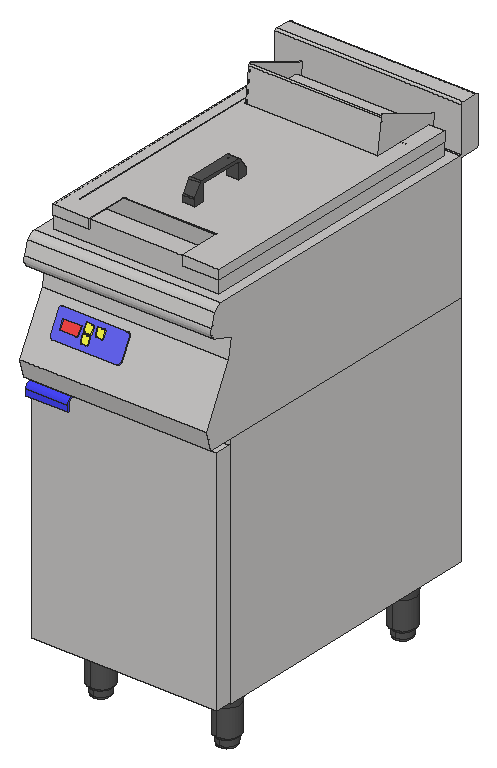
Revit family "QF_CAPIC_AVEN_W541032", category Equipement spécialisé, Revit 2018
Family settings
  Cote de connecteur circulaire = Utiliser le diamètre
  Type d'élément = Normal
  Numéro OmniClass = 23.40.40.14
  Titre OmniClass = Food Service Equipment
  Basée sur le plan de construction = Non
  Toujours verticalement = Oui
  Couper avec des vides une fois chargée = Non
  Partagée = Non
  Point de calcul de pièce = Non
Parameters (values of type "400 x 725 x 900 mm")
  URL catalogue = "http://www.capic-fr.com/fr/"
  Type de Raccord Plomberie [instance] = ""
  Type de Raccord Electrique [instance] = "Bornier interne"
  Type de Gaz = ""
  Type article [instance] = ""
  Tension = 230 V
  Spécification du Fabricant = ""
  Show Logo [instance] = yes
  Remarques evacuation [instance] = ""
  Remarques Plomberie [instance] = ""
  Remarques Electricité [instance] = "230Vx1 +T"
  Puissance électrique  = 100 W
  Puissance Gaz kW = 13
  Profondeur hors tout = 725 mm
  Pression Maximum Eau Adoucie = 0.0 Pa
  Poids net à vide = 85.00 kg
  Phase = 0
  Modèle = "W541032"
  Longueur hors tout = 400 mm
  Intensité nominale = 0 A
  Hauteur hors tout = 1010 mm
  Hauteur de Raccordement du Sol Finis = 204 mm
  Hauteur de Raccordement Gaz du Sol Finis = 204 mm
  Hauteur de Raccordement Evacuation Directe du Sol Finis = 0 mm
  Hauteur de Raccordement Eau Froide du Sol Finis = 0 mm
  Hauteur de Raccordement Eau Chaude du Sol Finis = 0 mm
  Hauteur de Raccordement Eau Adoucie du Sol Finis = 0 mm
  Fréquence = 50 Hz
  Fabricant = "CAPIC"
  Débit d'air d'extraction = 0.0 m³/h
  Débit Gaz = 0.0 L/s
  Débit Eau Froide = 0.0 L/s
  Débit Eau Chaude = 0.0 L/s
  Débit Eau Adoucie = 0.0 L/s
  Diamètre de Raccordement Gaz = 15 mm
  Diamètre de Raccordement Evacuation = 0 mm
  Diamètre de Raccordement Eau Froide = 0 mm
  Diamètre de Raccordement Eau Chaude = 0 mm
  Diamètre de Raccordement Eau Adoucie = 0 mm
  Description = "Friteuse 15L sur placard"
  Assembly Code = ""
  Classification  Omniclass nombre et titre = "23.40.40.14"
Reference planes
  plane 1 "Centre (avant/arrière)": y = 0
  plane 2: z = 0
  plane 3 "Centre (gauche/droite)": x = 0
  plane 4: x = 400
Forms (mm)
  Extrusion 1, solid, material "QF_Stainless Steel-Brushed"
    sketch origin (0, -45.05, 638) x (0, 1, 0) y (0, 0, 1)
      loop
        line (1.05, 270.397) -> (-641.347, 270.397)
        arc (-641.347, 270.397) -> (-651.671, 267.142) -> (-658.261, 258.553) r 18
        line (-658.261, 258.553) -> (-667.837, 232.245)
        arc (-667.837, 232.245) -> (-667.236, 218.482) -> (-657.078, 209.174) r 18
        line (-657.078, 209.174) -> (-613.251, 193.222) -> (-619.754, 152.161) -> (-680.074, 38.717) -> (-668.972, 0) -> (0, 0) -> (0, 268.397) -> (42.05, 268.397) -> (44.05, 270.397) -> (44.05, 356.397) -> (45.05, 356.397) -> (45.05, 368.397)
        arc (45.05, 368.397) -> (43.878, 371.225) -> (41.05, 372.397) r 4
        line (41.05, 372.397) -> (7.05, 372.397)
        arc (7.05, 372.397) -> (4.222, 371.225) -> (3.05, 368.397) r 4
        line (3.05, 368.397) -> (3.05, 272.397)
        arc (3.05, 272.397) -> (2.464, 270.983) -> (1.05, 270.397) r 2
    from 0 to 400
  Extrusion 2, solid, material "QF_Stainless Steel-Brushed"
    sketch origin (0, -44, 908.397) x (0, -1, 0) y (1, 0, 0)
      loop
        line (18.05, 23) -> (620, 23) -> (620, 377) -> (18.05, 377) -> (18.05, 23)
      loop
        line (91, 354) -> (91, 46) -> (577, 46) -> (577, 354) -> (91, 354)
    from 0 to 46.5
  Extrusion 3, void
    sketch origin (0, -44, 908.397) x (1, 0, 0) y (0, -1, 0)
      loop
        line (46, 91) -> (354, 91) -> (354, 577) -> (46, 577) -> (46, 91)
    from 200 to 0
  Extrusion 4, solid, material "QF_Stainless Steel-Brushed"
    sketch origin (0, -7, -30) x (0, 1, 0) y (0, 0, 1)
      loop
        line (-50.05, 954.897) -> (-47.846, 954.897)
        arc (-47.846, 954.897) -> (-44.566, 956.123) -> (-42.895, 959.201) r 5
        line (-42.895, 959.201) -> (-37.609, 996.812)
        arc (-37.609, 996.812) -> (-38.209, 999.97) -> (-40.607, 1002.111) r 5
        line (-40.607, 1002.111) -> (-170.745, 1057.351)
        arc (-170.745, 1057.351) -> (-175.161, 1057.1) -> (-177.65, 1053.444) r 5
        line (-177.65, 1053.444) -> (-187.284, 984.897) -> (-55.05, 984.897) -> (-55.05, 959.897)
        arc (-55.05, 959.897) -> (-53.586, 956.361) -> (-50.05, 954.897) r 5
    from 342 to 58
  Extrusion 5, void
    sketch origin (0, 0, 0) x (0, 1, 0) y (0, 0, 1)
      loop
        line (-181.879, 1034.538) -> (-197.288, 924.897) -> (-45.451, 924.897) -> (-38.59, 973.715) -> (-181.879, 1034.538)
    from 340 to 60
  Extrusion 6, solid, material "QF_Stainless Steel-Brushed"
    sketch origin (0, 0, 0) x (1, 0, 0) y (0, 1, 0)
      loop
        line (21.8, -60.85) -> (21.8, -665.2) -> (100, -665.2) -> (100, -573.2) -> (300, -573.2) -> (300, -665.2) -> (378.2, -665.2) -> (378.2, -60.85) -> (343.2, -60.85) -> (343.2, -195.484) -> (56.8, -195.484) -> (56.8, -60.85) -> (21.8, -60.85)
    from 936 to 956
  Extrusion 7, void
    sketch origin (0, 0, 0) x (1, 0, 0) y (0, 1, 0)
      loop
        line (23, -59.896) -> (23, -664) -> (377, -664) -> (377, -59.896) -> (23, -59.896)
    from 934.9 to 954.897
  Extrusion 8, solid, material "QF_Plastic-Black"
    sketch origin (0, -30, 0) x (0, 1, 0) y (0, 0, 1)
      loop
        line (-492.35, 956) -> (-472.35, 956) -> (-472.35, 987)
        arc (-472.35, 987) -> (-471.179, 989.828) -> (-468.35, 991) r 4
        line (-468.35, 991) -> (-379.35, 991)
        arc (-379.35, 991) -> (-376.522, 989.828) -> (-375.35, 987) r 4
        line (-375.35, 987) -> (-375.35, 956) -> (-355.35, 956) -> (-355.35, 969.489)
        arc (-355.35, 969.489) -> (-355.522, 970.648) -> (-356.022, 971.708) r 4
        line (-356.022, 971.708) -> (-371.036, 994.219)
        arc (-371.036, 994.219) -> (-372.476, 995.527) -> (-374.363, 996) r 4
        line (-374.363, 996) -> (-473.337, 996)
        arc (-473.337, 996) -> (-475.224, 995.527) -> (-476.665, 994.219) r 4
        line (-476.665, 994.219) -> (-491.678, 971.708)
        arc (-491.678, 971.708) -> (-492.178, 970.648) -> (-492.35, 969.489) r 4
        line (-492.35, 969.489) -> (-492.35, 956)
    from 212.5 to 187.5
Cuts and joins
  Extrusion 3 cuts Extrusion 1
  Extrusion 5 cuts Extrusion 4
  Extrusion 7 cuts Extrusion 6
Dimensions and locks
  "Longueur hors tout": plane 3 "Centre (gauche/droite)" to plane 4
  aligned and locked: level to plane 2
  aligned and locked: plane 4 to Extrusion 1
  aligned and locked: Extrusion 1 to plane 3 "Centre (gauche/droite)"
Automatic sketch dimensions
  level to Extrusion 1 sketch curve = 638 mm
  plane 1 "Centre (avant/arrière)" to Extrusion 1 sketch curve = 45.05 mm
  level to Extrusion 1 sketch curve = 831.222 mm
  plane 1 "Centre (avant/arrière)" to Extrusion 1 sketch curve = 658.301 mm
  level to Extrusion 1 sketch curve = 790.161 mm
  Extrusion 1 sketch curve to Extrusion 1 sketch curve = 6.503 mm
  Extrusion 1 sketch curve to Extrusion 1 sketch curve = 28.096 mm
  Extrusion 1 sketch curve to Extrusion 1 sketch curve = 9.575 mm
  level to Extrusion 1 sketch curve = 847.174 mm
  Extrusion 1 sketch curve to Extrusion 1 sketch curve = 6.156 mm  (x2)
  level to Extrusion 1 sketch curve = 896.553 mm
  Extrusion 1 sketch curve to Extrusion 1 sketch curve = 16.914 mm  (x2)
  level to Extrusion 1 sketch curve = 870.245 mm
  Extrusion 1 sketch curve to Extrusion 1 sketch curve = 49.218 mm
  level to Extrusion 1 sketch curve = 676.717 mm
  Extrusion 1 sketch curve to Extrusion 1 sketch curve = 11.102 mm
  plane 1 "Centre (avant/arrière)" to Extrusion 1 sketch curve = 44 mm
  plane 1 "Centre (avant/arrière)" to Extrusion 1 sketch curve = 42 mm
  Extrusion 1 sketch curve to Extrusion 1 sketch curve = 4 mm  (x2)
  Extrusion 1 sketch curve to Extrusion 1 sketch curve = 34 mm
  Extrusion 1 sketch curve to Extrusion 1 sketch curve = 39 mm
  Extrusion 1 sketch curve to Extrusion 1 sketch curve = 3 mm
  Extrusion 1 sketch curve to Extrusion 1 sketch curve = 1 mm
  Extrusion 1 sketch curve to Extrusion 1 sketch curve = 2 mm
  Extrusion 1 sketch curve to Extrusion 1 sketch curve = 86 mm
  Extrusion 1 sketch curve to Extrusion 1 sketch curve = 12 mm
  Extrusion 1 to Extrusion 2 sketch curve = 23 mm  (x2)
  Extrusion 1 to Extrusion 2 sketch curve = 18.05 mm
  Extrusion 2 sketch curve to Extrusion 2 sketch curve = 72.95 mm
  Extrusion 1 to Extrusion 2 sketch curve = 65.397 mm
  Extrusion 1 to Extrusion 2 sketch curve = 22.397 mm
  Extrusion 2 sketch curve to Extrusion 2 sketch curve = 23 mm
  Extrusion 1 to Extrusion 2 sketch curve = 46 mm
  Extrusion 1 to Extrusion 3 sketch curve = 46 mm  (x2)
  Extrusion 1 to Extrusion 3 sketch curve = 65.397 mm
  Extrusion 1 to Extrusion 3 sketch curve = 91 mm
  plane 1 "Centre (avant/arrière)" to Extrusion 4 sketch curve = 194.284 mm
  Extrusion 4 sketch curve to Extrusion 4 sketch curve = 9.634 mm
  Extrusion 4 sketch curve to Extrusion 4 sketch curve = 4.951 mm  (x3)
  Extrusion 4 sketch curve to Extrusion 4 sketch curve = 1.954 mm  (x2)
  plane 1 "Centre (avant/arrière)" to Extrusion 4 sketch curve = 62.05 mm
  Extrusion 4 sketch curve to Extrusion 4 sketch curve = 2.204 mm
  Extrusion 4 sketch curve to Extrusion 4 sketch curve = 12.49 mm
  level to Extrusion 4 sketch curve = 924.897 mm
  Extrusion 4 sketch curve to Extrusion 4 sketch curve = 4.304 mm
  Extrusion 4 sketch curve to Extrusion 4 sketch curve = 0 mm
  Extrusion 4 sketch curve to Extrusion 4 sketch curve = 25 mm
  Extrusion 4 sketch curve to Extrusion 4 sketch curve = 11.915 mm
  Extrusion 4 sketch curve to Extrusion 4 sketch curve = 0.696 mm  (x2)
  Extrusion 4 sketch curve to Extrusion 4 sketch curve = 67.851 mm
  plane 1 "Centre (avant/arrière)" to Extrusion 5 sketch curve = 197.288 mm
  level to Extrusion 5 sketch curve = 924.897 mm
  Extrusion 5 sketch curve to Extrusion 5 sketch curve = 15.409 mm
  plane 1 "Centre (avant/arrière)" to Extrusion 5 sketch curve = 45.451 mm
  Extrusion 5 sketch curve to Extrusion 5 sketch curve = 109.641 mm
  plane 1 "Centre (avant/arrière)" to Extrusion 5 sketch curve = 38.59 mm
  Extrusion 5 sketch curve to Extrusion 5 sketch curve = 48.818 mm
  plane 3 "Centre (gauche/droite)" to Extrusion 6 sketch curve = 21.8 mm
  plane 3 "Centre (gauche/droite)" to Extrusion 6 sketch curve = 56.8 mm
  Extrusion 6 sketch curve to plane 4 = 56.8 mm
  Extrusion 6 sketch curve to plane 4 = 21.8 mm
  plane 1 "Centre (avant/arrière)" to Extrusion 6 sketch curve = 665.2 mm
  plane 1 "Centre (avant/arrière)" to Extrusion 6 sketch curve = 195.484 mm
  plane 1 "Centre (avant/arrière)" to Extrusion 6 sketch curve = 60.85 mm  (x2)
  plane 3 "Centre (gauche/droite)" to Extrusion 6 sketch curve = 100 mm
  Extrusion 6 sketch curve to plane 4 = 100 mm
  Extrusion 6 sketch curve to Extrusion 6 sketch curve = 92 mm  (x2)
  plane 3 "Centre (gauche/droite)" to Extrusion 7 sketch curve = 23 mm
  Extrusion 7 sketch curve to plane 4 = 23 mm
  plane 1 "Centre (avant/arrière)" to Extrusion 7 sketch curve = 664 mm
  plane 1 "Centre (avant/arrière)" to Extrusion 7 sketch curve = 59.896 mm
  plane 1 "Centre (avant/arrière)" to Extrusion 8 sketch curve = 522.35 mm
  Extrusion 8 sketch curve to Extrusion 8 sketch curve = 0.672 mm  (x2)
  Extrusion 8 sketch curve to Extrusion 8 sketch curve = 4 mm  (x2)
  Extrusion 8 sketch curve to Extrusion 8 sketch curve = 15.013 mm
  Extrusion 8 sketch curve to Extrusion 8 sketch curve = 3.328 mm  (x2)
  Extrusion 8 sketch curve to Extrusion 8 sketch curve = 20 mm
  Extrusion 8 sketch curve to Extrusion 8 sketch curve = 4.987 mm  (x2)
  Extrusion 8 sketch curve to Extrusion 8 sketch curve = 89 mm
  Extrusion 8 sketch curve to Extrusion 8 sketch curve = 16 mm
  level to Extrusion 8 sketch curve = 956 mm
  Extrusion 8 sketch curve to Extrusion 8 sketch curve = 0 mm
  Extrusion 8 sketch curve to Extrusion 8 sketch curve = 13.489 mm  (x2)
  Extrusion 8 sketch curve to Extrusion 8 sketch curve = 2.219 mm  (x2)
  Extrusion 8 sketch curve to Extrusion 8 sketch curve = 17.511 mm
  Extrusion 8 sketch curve to Extrusion 8 sketch curve = 1 mm  (x2)
Nested families
  nested 1: "QF_Details_CarteCde-Face" at (120, -687.109, 748.212) x (1, 0, 0) z (0, -0.8829, 0.4695), type "QF_Details_CarteCde-Face"
  nested 2: "QF_CAPIC_AVEN_W543031" at (0, 0, 0), type "400 mm"
    with Type de Raccord Plomberie "", Type de Raccord Electrique "", Type article "", Remarques evacuation "", Remarques Plomberie "", Remarques Electricité "", Etagere intermédiaire (option) no
Definition of nested family "QF_Details_CarteCde-Face"
  Parameters (values of type "QF_Details_CarteCde-Face")
    Default Elevation = 1219.2 mm
  Reference planes
    plane 1 "Centre (avant/arrière)": y = 0
    plane 2: z = 0
    plane 3 "Centre (gauche/droite)": x = 0
  Forms (mm)
    Extrusion 1, solid
      sketch origin (0, 0, 0) x (1, 0, 0) y (0, 1, 0)
        loop
          line (-1219.2, 1219.2) -> (-1219.2, -1219.2) -> (1219.2, -1219.2) -> (1219.2, 1219.2) -> (-1219.2, 1219.2)
      from 0 to -304.8
    Extrusion 2, solid
      sketch origin (-76, -757.888, 0) x (1, 0, 0) y (0, 1, 0)
        loop
          arc (7, 787.388) -> (2.05, 785.338) -> (0, 780.388) r 7
          line (0, 780.388) -> (0, 735.388)
          arc (0, 735.388) -> (2.05, 730.439) -> (7, 728.388) r 7
          line (7, 728.388) -> (145, 728.388)
          arc (145, 728.388) -> (149.95, 730.439) -> (152, 735.388) r 7
          line (152, 735.388) -> (152, 780.388)
          arc (152, 780.388) -> (149.95, 785.338) -> (145, 787.388) r 7
          line (145, 787.388) -> (7, 787.388)
        loop
          line (15, 767.388) -> (15, 748.388) -> (54, 748.388) -> (54, 767.388) -> (15, 767.388)
        loop
          line (74, 776.917) -> (61, 776.917) -> (61, 763.917)
          arc (61, 763.917) -> (62.172, 761.089) -> (65, 759.917) r 4
          line (65, 759.917) -> (78, 759.917) -> (78, 772.917)
          arc (78, 772.917) -> (76.828, 775.745) -> (74, 776.917) r 4
        loop
          line (99, 776.917) -> (86, 776.917) -> (86, 763.917)
          arc (86, 763.917) -> (87.172, 761.089) -> (90, 759.917) r 4
          line (90, 759.917) -> (103, 759.917) -> (103, 772.917)
          arc (103, 772.917) -> (101.828, 775.745) -> (99, 776.917) r 4
        loop
          line (74, 756.917) -> (61, 756.917) -> (61, 743.917)
          arc (61, 743.917) -> (62.172, 741.089) -> (65, 739.917) r 4
          line (65, 739.917) -> (78, 739.917) -> (78, 752.917)
          arc (78, 752.917) -> (76.828, 755.745) -> (74, 756.917) r 4
      from 0 to 0.5
    Extrusion 3, solid
      sketch origin (-76, -744.891, 0) x (1, 0, 0) y (0, 1, 0)
        loop
          line (15, 754.391) -> (15, 735.391) -> (54, 735.391) -> (54, 754.391) -> (15, 754.391)
      from 0 to 0.5
    Extrusion 4, solid
      sketch origin (-76, -744.891, 0) x (1, 0, 0) y (0, 1, 0)
        loop
          line (61, 763.919) -> (61, 750.919)
          arc (61, 750.919) -> (62.172, 748.091) -> (65, 746.919) r 4
          line (65, 746.919) -> (78, 746.919) -> (78, 759.919)
          arc (78, 759.919) -> (76.828, 762.748) -> (74, 763.919) r 4
          line (74, 763.919) -> (61, 763.919)
      from 0 to 0.5
    Extrusion 5, solid
      sketch origin (-76, -764.891, 0) x (1, 0, 0) y (0, 1, 0)
        loop
          line (61, 763.919) -> (61, 750.919)
          arc (61, 750.919) -> (62.172, 748.091) -> (65, 746.919) r 4
          line (65, 746.919) -> (78, 746.919) -> (78, 759.919)
          arc (78, 759.919) -> (76.828, 762.748) -> (74, 763.919) r 4
          line (74, 763.919) -> (61, 763.919)
      from 0 to 0.5
    Extrusion 6, solid
      sketch origin (-51, -744.891, 0) x (1, 0, 0) y (0, 1, 0)
        loop
          line (61, 763.919) -> (61, 750.919)
          arc (61, 750.919) -> (62.172, 748.091) -> (65, 746.919) r 4
          line (65, 746.919) -> (78, 746.919) -> (78, 759.919)
          arc (78, 759.919) -> (76.828, 762.748) -> (74, 763.919) r 4
          line (74, 763.919) -> (61, 763.919)
      from 0 to 0.5
  Dimensions and locks
    aligned and locked: plane 2 to Extrusion 1
    aligned and locked: level to Extrusion 1
Definition of nested family "QF_CAPIC_AVEN_W543031"
  Parameters (values of type "400 mm")
    URL catalogue = "http://www.capic-fr.com/fr/"
    Type de Raccord Plomberie [instance] = ""
    Type de Raccord Electrique [instance] = ""
    Type de Gaz = ""
    Type article [instance] = ""
    Tension = 0 V
    Spécification du Fabricant = ""
    Show Logo = yes
    Remarques evacuation [instance] = ""
    Remarques Plomberie [instance] = ""
    Remarques Electricité [instance] = ""
    Puissance électrique  = 0 W
    Puissance Gaz kW = 0
    Profondeur hors tout = 671 mm
    Pression Maximum Eau Adoucie = 0.0 Pa
    Poids net à vide = 30.00 kg
    Phase = 0
    Model = "W543031"
    Longueur hors tout = 400 mm
    Intensité nominale = 0 A
    Hauteur hors tout = 638 mm
    Hauteur de Raccordement du Sol Finis = 0 mm
    Hauteur de Raccordement Gaz du Sol Finis = 0 mm
    Hauteur de Raccordement Evacuation Directe du Sol Finis = 0 mm
    Hauteur de Raccordement Eau Froide du Sol Finis = 0 mm
    Hauteur de Raccordement Eau Chaude du Sol Finis = 0 mm
    Hauteur de Raccordement Eau Adoucie du Sol Finis = 0 mm
    Fréquence = 0 Hz
    Manufacturer = "CAPIC"
    Etagere intermédiaire (option) [instance] = no
    Débit d'air d'extraction = 0.0 m³/h
    Débit Gaz = 0.0 L/s
    Débit Eau Froide = 0.0 L/s
    Débit Eau Chaude = 0.0 L/s
    Débit Eau Adoucie = 0.0 L/s
    Diamètre de Raccordement Gaz = 0 mm
    Diamètre de Raccordement Evacuation = 0 mm
    Diamètre de Raccordement Eau Froide = 0 mm
    Diamètre de Raccordement Eau Chaude = 0 mm
    Diamètre de Raccordement Eau Adoucie = 0 mm
    Description = "Placard fermé 1 porte"
    Assembly Code = ""
    Classification  Omniclass nombre et titre = "23.40.40.14"
  Reference planes
    plane 1 "Centre (avant/arrière)": y = 0
    plane 2: z = 0
    plane 3 "Centre (gauche/droite)": x = 0
    plane 4: x = 400
    plane 5: y = -662
    plane 6: y = -45
    plane 7: x = 25
    plane 8: x = 375
    plane 9: y = -69
    plane 10: y = -539
    plane 11: x = 35
    plane 12: x = 365
    plane 13: x = 2
    plane 14: x = 398
    plane 15: y = -694.5
    plane 16: z = 627
    plane 17: y = -712
    plane 18: z = 625
    plane 19: y = -710
    plane 20: z = 603
    plane 21: x = 92
    plane 22: y = -1075
  Forms (mm)
    Extrusion 1, solid
      sketch origin (0, 0, 0) x (1, 0, 0) y (0, 1, 0)
        loop
          line (0, -45) -> (0, -662) -> (400, -662) -> (400, -45) -> (0, -45)
      from 130 to 638
    Extrusion 2, void
      sketch origin (0, 0, 0) x (1, 0, 0) y (0, 1, 0)
        loop
          line (35, -69) -> (35, -662) -> (365, -662) -> (365, -69) -> (35, -69)
      from 175 to 608
    Extrusion 3, solid, visible <- "Etagere intermédiaire (option)"
      sketch origin (0, 0, 0) x (1, 0, 0) y (0, 1, 0)
        loop
          line (35, -69) -> (35, -662) -> (365, -662) -> (365, -69) -> (35, -69)
      from 370 to 400
    Extrusion 4, solid
      sketch origin (0, 0, 0) x (1, 0, 0) y (0, 1, 0)
        loop
          line (2, -662) -> (2, -694.5) -> (398, -694.5) -> (398, -662) -> (2, -662)
      from 130 to 625
    Extrusion 5, solid
      sketch origin (0, 0, 0) x (0, 1, 0) y (0, 0, 1)
        loop
          line (-662, 627) -> (-700, 627)
          arc (-700, 627) -> (-708.485, 623.485) -> (-712, 615) r 12
          line (-712, 615) -> (-712, 603) -> (-710, 603) -> (-710, 615)
          arc (-710, 615) -> (-707.071, 622.071) -> (-700, 625) r 10
          line (-700, 625) -> (-662, 625) -> (-662, 627)
      from 2 to 92
  Cuts and joins
    Extrusion 2 cuts Extrusion 1
  Lines and regions (mm)
    symbolic lines
      curve 1: arc (398, -1075, 0) -> (123.261, -964.482, 0) -> (1.583, -694.5, 0) r 396.75
      curve 2: line (398, -1075, 0) -> (398, -694.5, 0)
  Dimensions and locks
    "Longueur hors tout": plane 3 "Centre (gauche/droite)" to plane 4
    plane 5 to plane 6 to plane 1 "Centre (avant/arrière)" = 617 mm locked, 45 mm locked
    plane 6 to plane 9 to plane 10 = 24 mm locked, 470 mm locked
    locked: plane 3 "Centre (gauche/droite)" to plane 7 at 25
    locked: plane 8 to plane 4 at 25
    locked: plane 3 "Centre (gauche/droite)" to plane 11 at 35
    locked: plane 12 to plane 4 at 35
    locked: plane 3 "Centre (gauche/droite)" to plane 13 at 2
    locked: plane 14 to plane 4 at 2
    locked: plane 5 to plane 15 at 32.5
    locked: plane 16 to plane 18 at 2
    locked: plane 19 to plane 17 at 2
    locked: plane 5 to plane 17 at 50
    locked: plane 16 to plane 20 at 24
    locked: plane 13 to plane 21 at 90
    aligned and locked: level to plane 2
    aligned and locked: plane 9 to nested 1
    aligned and locked: nested 1 to plane 7
    aligned and locked: plane 10 to nested 2
    aligned and locked: nested 2 to plane 7
    aligned and locked: plane 8 to nested 3
    aligned and locked: plane 9 to nested 3
    aligned and locked: plane 8 to nested 4
    aligned and locked: plane 10 to nested 4
    aligned and locked: Extrusion 2 sketch curve to plane 9
    aligned and locked: plane 11 to Extrusion 2 sketch curve
    aligned and locked: plane 5 to Extrusion 2 sketch curve
    aligned and locked: Extrusion 2 sketch curve to plane 12
    aligned and locked: Extrusion 4 sketch curve to plane 5
    aligned and locked: plane 13 to Extrusion 4 sketch curve
    aligned and locked: plane 15 to Extrusion 4 sketch curve
    aligned and locked: Extrusion 4 sketch curve to plane 14
    aligned and locked: plane 18 to Extrusion 4
    aligned and locked: Extrusion 5 sketch curve to plane 16
    aligned and locked: plane 18 to Extrusion 5 sketch curve
    aligned and locked: Extrusion 5 sketch curve to plane 5
    aligned and locked: plane 20 to Extrusion 5 sketch curve
    aligned and locked: plane 19 to Extrusion 5 sketch curve
    aligned and locked: Extrusion 5 to plane 13
    aligned and locked: plane 21 to Extrusion 5
  Automatic sketch dimensions
    Extrusion 1 sketch curve to plane 3 "Centre (gauche/droite)" = 0 mm
    Extrusion 1 sketch curve to plane 4 = 0 mm
    Extrusion 1 sketch curve to plane 5 = 0 mm
    Extrusion 1 sketch curve to plane 6 = 0 mm
    Extrusion 3 sketch curve to plane 5 = 0 mm
    Extrusion 3 sketch curve to plane 11 = 0 mm
    Extrusion 3 sketch curve to plane 12 = 0 mm
    Extrusion 3 sketch curve to plane 9 = 0 mm
    Extrusion 5 sketch curve to Extrusion 5 sketch curve = 0 mm
    Extrusion 5 sketch curve to plane 17 = 0 mm
    Extrusion 5 sketch curve to plane 15 = 5.5 mm
    curve 1 to plane 15 = 0 mm
    curve 2 to plane 14 = 0 mm
    curve 1 to plane 22 = 0 mm
    curve 2 to plane 15 = 0 mm
    curve 1 to plane 5 = 16.25 mm
  Nested families
    nested 1: "QF_Details_Pied" at (13.5, -119, 0) x (0, -1, 0) z (0, 0, 1), type "QF_Details_Pied"
    nested 2: "QF_Details_Pied" at (13.5, -589, 0) x (0, -1, 0) z (0, 0, 1), type "QF_Details_Pied"
    nested 3: "QF_Details_Pied" at (283.5, -119, 0) x (0, -1, 0) z (0, 0, 1), type "QF_Details_Pied"
    nested 4: "QF_Details_Pied" at (283.5, -589, 0) x (0, -1, 0) z (0, 0, 1), type "QF_Details_Pied"
  Definition of nested family "QF_Details_Pied"
    Reference planes
      plane 1 "Centre (avant/arrière)": y = 0
      plane 2: z = 0
      plane 3 "Centre (gauche/droite)": x = 0
    Forms (mm)
      Extrusion 1, solid
        sketch origin (-137.492, 51.5, -340.756) x (1, 0, 0) y (0, 0, 1)
          loop
            line (87.492, 481.756) -> (87.492, 472.756) -> (187.492, 472.756) -> (187.492, 481.756) -> (87.492, 481.756)
        from -40 to 40
      Revolve 2, solid
        sketch origin (0, 51.5, -9) x (1, 0, 0) y (0, 0, 1)
          loop
            line (0, 141) -> (0, 9) -> (19.21, 9) -> (19.21, 13) -> (20.21, 13) -> (20.21, 26) -> (21.71, 26) -> (26.66, 30.95) -> (26.66, 90.95) -> (31.468, 136.698) -> (36.246, 141) -> (0, 141)
          axis (0, 141) -> (0, 9)
        angle from 0 to 360
    Dimensions and locks
      aligned and locked: level to plane 2
      aligned and locked: Extrusion 1 to Revolve 2 sketch curve
